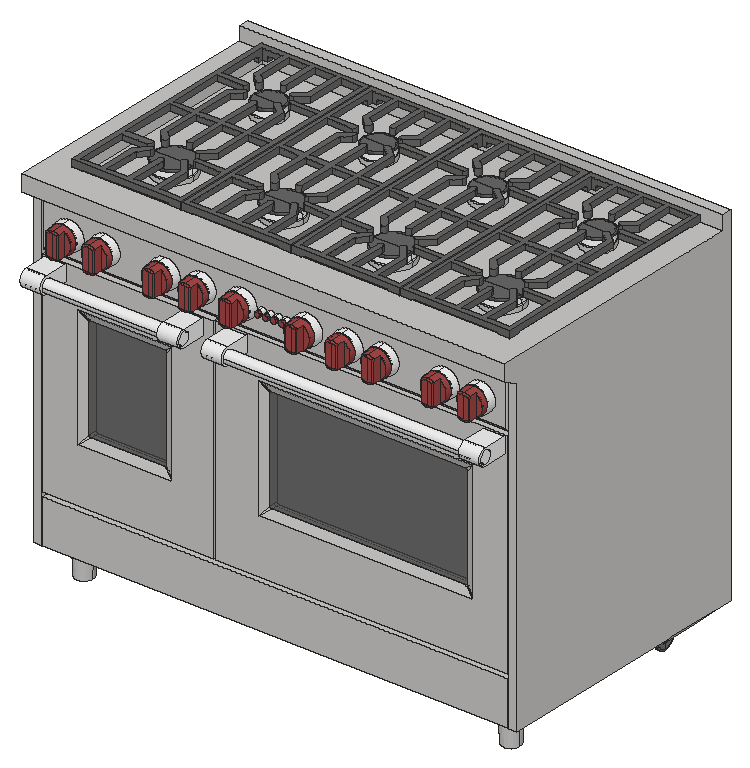
Revit family "M_Extensão-1200 mm", category Equipamento especial, Revit 2019
Family settings
  Cota do conector redondo = Utilizar diâmetro
  Tipo de parte = Normal
  Número OmniClass = 23.40.40.14
  Título OmniClass = Food Service Equipment
  Com base no plano de trabalho = Não
  Sempre na vertical = Sim
  Corte com vazios quando carregada = Não
  Compartilhado = Não
  Ponto de cálculo do ambiente = Não
Parameters (values of type "Queimadores")
  Largura = 1200 mm
  Deslocamento de parede = 0 mm
  Voltagem = 120 V
  Type Comments = ""
  Acabamento da moldura = Eletrodoméstico – Cromado
  Mostrar legenda = yes
  Consumo de energia = 500 VA
  Largura do forno principal = 750 mm
  Legenda = "Faixa"
  Botão = Eletrodoméstico – Plástico – Vermelho
  Altura = 950 mm
  Chapa = Eletrodoméstico – Aço inoxidável – Escovado
  Largura da grelha = (Largura - 107.95 mm) / 4 - 0.794 mm  # 272.219 mm
  Profundidade da grelha = Linear - 109.438 mm  # 590.55 mm
  Vidro = Eletrodoméstico – Vidro do forno
  Descrição = "Faixa"
  Linear = 699.988 mm
  Queimadores direitos centrais = yes
  Grelha central – Direita = M_Superfície do fogão : M_Queimadores
  Grelha central – Esquerda = M_Superfície do fogão : M_Queimadores
  Queimadores esquerdos centrais = yes
  Queimador = Eletrodoméstico – Tampa do queimador
  Código de montagem = "E1090320"
  Acabamento do eletrodoméstico = Eletrodoméstico – Aço inoxidável – Semipolido
  Amperagem = Consumo de energia / Voltagem  # 4.16667 A
Reference planes
  plane 1 "Parte posterior": y = 0
  plane 2: z = 0
  plane 3 "Centro (Esquerda/Direita)": x = 0
  plane 4 "Esquerda": x = -600
  plane 5 "Direita": x = 600
  plane 6: y = 0
  plane 7 "Aresta": y = -699.988
  plane 8 "Traseira da porta": y = -615.988
  plane 9 "Superior": z = 950
  plane 10 "Unidade B.O.": z = 80
  plane 11 "Queimador": z = 915
  plane 12: z = 200
  plane 13 "Puxador": z = 706.994
  plane 14 "Botões": z = 794.725
  plane 15 "Face da porta": y = -663.988
  plane 16: y = -633.988
  plane 17: z = 58
  plane 18: z = 28
  plane 19 "Rodas": y = -120
  plane 20: z = 25.4
  plane 21: x = 544.438
  plane 22: x = -544.438
  plane 23: x = 326.663
  plane 24: x = -326.663
  plane 25: x = -150
  plane 26: x = -108.887
  plane 27: x = 108.888
  plane 28: x = -511.1
  plane 29: x = -421.1
  plane 30: x = 511.1
  plane 31: x = 421.1
  plane 32: x = 236.969
  plane 33: z = 883.06
  plane 34: x = -375
  plane 35: x = 225
  plane 36: y = -953.988
  plane 37: x = -10.16
  plane 38: x = 10.16
  plane 39: x = -30.48
  plane 40: x = 30.48
  plane 41: x = 283.369
  plane 42 "1": x = -272.219
  plane 43: x = 0
  plane 44 "2": x = 272.219
  plane 45: x = -181.75
  plane 46: x = 193.675
  plane 47: x = -182.525
  plane 48: x = 182.525
Forms (mm)
  Extrusion 1, void
    sketch origin (0, 0, 950) x (-1, 0, 0) y (0, -1, 0)
      loop
        line (544.438, 25.4) -> (544.438, 615.988) -> (-544.438, 615.988) -> (-544.438, 25.4) -> (544.438, 25.4)
    from 0 to -66.94
  Extrusion 2, solid, material "Eletrodoméstico – Aço inoxidável – Semipolido" <- "Acabamento do eletrodoméstico"
    sketch origin (0, 0, 0) x (0, 1, 0) y (0, 0, 1)
      loop
        line (-25.4, 950) -> (-25.4, 915) -> (-699.988, 915) -> (-699.988, 875) -> (-663.988, 855) -> (-663.988, 80) -> (0, 80) -> (0, 950) -> (-25.4, 950)
    from -600 to 600
  Extrusion 3, void
    sketch origin (0, -663.988, 0) x (0, 0, 1) y (-1, 0, 0)
      loop
        line (855, 580) -> (80, 580) -> (80, -580) -> (855, -580) -> (855, 580)
    from -48 to 0
  Extrusion 4, solid, material "Eletrodoméstico – Aço inoxidável – Semipolido" <- "Acabamento do eletrodoméstico"
    sketch origin (0, 0, 0) x (0, 1, 0) y (0, 0, 1)
      loop
        line (-633.988, 190) -> (-663.988, 190) -> (-663.988, 80) -> (-633.988, 80) -> (-633.988, 190)
      loop
        line (-615.988, 855) -> (-663.988, 855) -> (-663.988, 741) -> (-615.988, 741) -> (-615.988, 855)
      loop
        line (-633.988, 731) -> (-663.988, 731) -> (-663.988, 200) -> (-633.988, 200) -> (-633.988, 731)
    from -576.783 to 576.783
  Extrusion 5, void
    sketch origin (0, -663.988, 0) x (0, 0, 1) y (-1, 0, 0)
      loop
        arc (615.994, 15.856) -> (614.599, 19.224) -> (611.231, 20.619) r 4.763
        line (611.231, 20.619) -> (359.762, 20.619)
        arc (359.762, 20.619) -> (356.395, 19.224) -> (355, 15.856) r 4.763
        line (355, 15.856) -> (355, -465.738)
        arc (355, -465.738) -> (356.395, -469.105) -> (359.762, -470.5) r 4.763
        line (359.762, -470.5) -> (611.231, -470.5)
        arc (611.231, -470.5) -> (614.599, -469.105) -> (615.994, -465.738) r 4.763
        line (615.994, -465.738) -> (615.994, 15.856)
      loop
        line (615.994, 280.969) -> (615.994, 465.738)
        arc (615.994, 465.738) -> (614.599, 469.105) -> (611.231, 470.5) r 4.763
        line (611.231, 470.5) -> (359.762, 470.5)
        arc (359.762, 470.5) -> (356.395, 469.105) -> (355, 465.738) r 4.763
        line (355, 465.738) -> (355, 280.969)
        arc (355, 280.969) -> (356.395, 277.601) -> (359.762, 276.206) r 4.763
        line (359.762, 276.206) -> (611.231, 276.206)
        arc (611.231, 276.206) -> (614.599, 277.601) -> (615.994, 280.969) r 4.763
    from -48 to -10
  Blend 6, void
    base sketch origin (0, -663.988, 0) x (0, 0, 1) y (-1, 0, 0)
      loop
        line (635.994, 40.463) -> (335, 40.463) -> (335, -490.5) -> (635.994, -490.5) -> (635.994, 40.463)
    top sketch origin (0, -663.988, 0) x (0, 0, 1) y (-1, 0, 0)
      loop
        line (615.994, -465.738) -> (615.994, 15.856)
        arc (615.994, 15.856) -> (614.599, 19.224) -> (611.231, 20.619) r 4.763
        line (611.231, 20.619) -> (359.762, 20.619)
        arc (359.762, 20.619) -> (356.395, 19.224) -> (355, 15.856) r 4.763
        line (355, 15.856) -> (355, -465.738)
        arc (355, -465.738) -> (356.395, -469.105) -> (359.762, -470.5) r 4.763
        line (359.762, -470.5) -> (611.231, -470.5)
        arc (611.231, -470.5) -> (614.599, -469.105) -> (615.994, -465.738) r 4.763
    from 0 to -10
  Extrusion 7, solid, material "Eletrodoméstico – Vidro do forno" <- "Vidro"
    sketch origin (0, -663.988, 0) x (0, 0, 1) y (-1, 0, 0)
      loop
        line (615.994, -465.738) -> (615.994, 15.856)
        arc (615.994, 15.856) -> (614.599, 19.224) -> (611.231, 20.619) r 4.763
        line (611.231, 20.619) -> (359.762, 20.619)
        arc (359.762, 20.619) -> (356.395, 19.224) -> (355, 15.856) r 4.763
        line (355, 15.856) -> (355, -465.738)
        arc (355, -465.738) -> (356.395, -469.105) -> (359.762, -470.5) r 4.763
        line (359.762, -470.5) -> (611.231, -470.5)
        arc (611.231, -470.5) -> (614.599, -469.105) -> (615.994, -465.738) r 4.763
      loop
        arc (615.994, 465.738) -> (614.599, 469.105) -> (611.231, 470.5) r 4.763
        line (611.231, 470.5) -> (359.762, 470.5)
        arc (359.762, 470.5) -> (356.395, 469.105) -> (355, 465.738) r 4.763
        line (355, 465.738) -> (355, 280.969)
        arc (355, 280.969) -> (356.395, 277.601) -> (359.762, 276.206) r 4.763
        line (359.762, 276.206) -> (611.231, 276.206)
        arc (611.231, 276.206) -> (614.599, 277.601) -> (615.994, 280.969) r 4.763
        line (615.994, 280.969) -> (615.994, 465.738)
    from -10 to -22.721
  Blend 8, solid, material "Eletrodoméstico – Aço inoxidável – Semipolido" <- "Acabamento do eletrodoméstico"
    base sketch origin (0, 0, 80) x (-1, 0, 0) y (0, -1, 0)
      loop
        line (600, 50) -> (600, 190) -> (459.988, 190) -> (459.988, 50) -> (600, 50)
    top sketch origin (0, 0, 80) x (-1, 0, 0) y (0, -1, 0)
      loop
        line (579.988, 70) -> (579.988, 170) -> (479.988, 170) -> (479.988, 70) -> (579.988, 70)
    from 0 to -22
  Blend 9, solid, material "Eletrodoméstico – Aço inoxidável – Semipolido" <- "Acabamento do eletrodoméstico"
    base sketch origin (0, 0, 80) x (1, 0, 0) y (0, 1, 0)
      loop
        line (600, -50) -> (459.988, -50) -> (459.988, -190) -> (600, -190) -> (600, -50)
    top sketch origin (0, 0, 80) x (1, 0, 0) y (0, 1, 0)
      loop
        line (579.988, -70) -> (479.988, -70) -> (479.988, -170) -> (579.988, -170) -> (579.988, -70)
    from 0 to -22
  Blend 10, solid, material "Eletrodoméstico – Aço inoxidável – Semipolido" <- "Acabamento do eletrodoméstico"
    base sketch origin (0, 0, 80) x (-1, 0, 0) y (0, -1, 0)
      loop
        circle (-529.988, 593.988) r 25
    top sketch origin (0, 0, 80) x (-1, 0, 0) y (0, -1, 0)
      loop
        circle (-530.488, 593.988) r 21.928
    from 0 to -80
  Blend 11, solid, material "Eletrodoméstico – Aço inoxidável – Semipolido" <- "Acabamento do eletrodoméstico"
    base sketch origin (0, 0, 80) x (1, 0, 0) y (0, 1, 0)
      loop
        circle (-529.988, -593.988) r 25
    top sketch origin (0, 0, 80) x (1, 0, 0) y (0, 1, 0)
      loop
        circle (-530.488, -593.988) r 21.928
    from 0 to -80
  Extrusion 12, solid, material "Eletrodoméstico – Aço inoxidável – Semipolido" <- "Acabamento do eletrodoméstico"
    sketch origin (0, 0, 0) x (1, 0, 0) y (0, 0, 1)
      loop
        line (-559.988, 58) -> (-539.988, 28) -> (-536.576, 28) -> (-536.576, 58) -> (-559.988, 58)
      loop
        line (-519.988, 28) -> (-499.988, 58) -> (-523.401, 58) -> (-523.401, 28) -> (-519.988, 28)
      loop
        line (559.988, 58) -> (536.576, 58) -> (536.576, 28) -> (539.988, 28) -> (559.988, 58)
      loop
        line (519.988, 28) -> (523.401, 28) -> (523.401, 58) -> (499.988, 58) -> (519.988, 28)
    from 90 to 150
  Revolve 13, solid, material "Eletrodoméstico – Borracha"
    sketch origin (0, -120, 0) x (0, 0, 1) y (-1, 0, 0)
      loop
        line (25.4, 524.988) -> (30.279, 524.988) -> (30.279, 528.163) -> (33.911, 528.163) -> (33.911, 527.37)
        arc (33.911, 527.37) -> (34.608, 525.686) -> (36.292, 524.988) r 2.381
        line (36.292, 524.988) -> (48.419, 524.988)
        arc (48.419, 524.988) -> (50.103, 525.686) -> (50.8, 527.37) r 2.381
        line (50.8, 527.37) -> (50.8, 532.607)
        arc (50.8, 532.607) -> (50.103, 534.291) -> (48.419, 534.988) r 2.381
        line (48.419, 534.988) -> (36.292, 534.988)
        arc (36.292, 534.988) -> (34.608, 534.291) -> (33.911, 532.607) r 2.381
        line (33.911, 532.607) -> (33.911, 531.813) -> (30.279, 531.813) -> (30.279, 534.988) -> (25.4, 534.988) -> (25.4, 524.988)
      loop
        line (25.4, -524.988) -> (25.4, -534.988) -> (30.279, -534.988) -> (30.279, -531.813) -> (33.911, -531.813) -> (33.911, -532.607)
        arc (33.911, -532.607) -> (34.608, -534.291) -> (36.292, -534.988) r 2.381
        line (36.292, -534.988) -> (48.419, -534.988)
        arc (48.419, -534.988) -> (50.103, -534.291) -> (50.8, -532.607) r 2.381
        line (50.8, -532.607) -> (50.8, -527.37)
        arc (50.8, -527.37) -> (50.103, -525.686) -> (48.419, -524.988) r 2.381
        line (48.419, -524.988) -> (36.292, -524.988)
        arc (36.292, -524.988) -> (34.608, -525.686) -> (33.911, -527.37) r 2.381
        line (33.911, -527.37) -> (33.911, -528.163) -> (30.279, -528.163) -> (30.279, -524.988) -> (25.4, -524.988)
      axis (25.4, 534.988) -> (25.4, -534.988)
    angle from 0 to 360
  Sweep 14, void
    path in 3D
      loop
        line (-576.783, -663.988, 855) -> (-576.783, -663.988, 741) -> (576.783, -663.988, 741) -> (576.783, -663.988, 855) -> (-576.783, -663.988, 855)
    profile "M_Redondo : 3mm" origin (0, -663.988, 855) x (0, -1, 0) y (0, 0, 1)
      loop
        line (0, 0) -> (-3, 0)
        arc (-3, 0) -> (-0.879, -0.879) -> (0, -3) r 3
        line (0, -3) -> (0, 0)
  Extrusion 15, void
    sketch origin (0, -615.988, 0) x (-1, 0, 0) y (0, 0, 1)
      loop
        line (152.381, 731) -> (147.619, 731) -> (147.619, 200) -> (152.381, 200) -> (152.381, 731)
    from 0 to -48
  Blend 16, void
    base sketch origin (0, -663.988, 0) x (0, 0, 1) y (-1, 0, 0)
      loop
        line (635.994, 256.363) -> (635.994, 490.5) -> (335, 490.5) -> (335, 256.363) -> (635.994, 256.363)
    top sketch origin (0, -663.988, 0) x (0, 0, 1) y (-1, 0, 0)
      loop
        arc (615.994, 465.738) -> (614.599, 469.105) -> (611.231, 470.5) r 4.763
        line (611.231, 470.5) -> (359.762, 470.5)
        arc (359.762, 470.5) -> (356.395, 469.105) -> (355, 465.738) r 4.763
        line (355, 465.738) -> (355, 280.969)
        arc (355, 280.969) -> (356.395, 277.601) -> (359.762, 276.206) r 4.763
        line (359.762, 276.206) -> (611.231, 276.206)
        arc (611.231, 276.206) -> (614.599, 277.601) -> (615.994, 280.969) r 4.763
        line (615.994, 280.969) -> (615.994, 465.738)
    from 0 to -10
Cuts and joins
  Extrusion 1, Extrusion 3, Sweep 14 cuts Extrusion 2
  Extrusion 5, Blend 6, Sweep 14, Extrusion 15, Blend 16 cuts Extrusion 4
  Blend 16 cuts Extrusion 7
Lines and regions (mm)
  Split face 1
    outline origin (600, 0, 80) x (-1, 0, 0) y (0, 0, 1)
      loop
        circle (144.729, 120) r 12.7
  Split face 2
    outline origin (600, 0, 80) x (-1, 0, 0) y (0, 0, 1)
      loop
        circle (233.045, 120) r 12.7
  sketch lines
    curve 1: line (576.783, -663.988, 855) -> (-576.783, -663.988, 855)
    curve 2: line (576.783, -663.988, 855) -> (576.783, -663.988, 741)
    curve 3: line (576.783, -663.988, 741) -> (-576.783, -663.988, 741)
    curve 4: line (-576.783, -663.988, 741) -> (-576.783, -663.988, 855)
Dimensions and locks
  equal spacing: plane 4 "Esquerda", plane 3 "Centro (Esquerda/Direita)", plane 5 "Direita"
  "Largura": plane 4 "Esquerda" to plane 5 "Direita"
  "Linear": plane 6 to plane 7 "Aresta"
  "Deslocamento de parede": plane 1 "Parte posterior" to plane 6
  "Altura": plane 9 "Superior" to level
  locked: plane 10 "Unidade B.O." to level at 80
  locked: plane 8 "Traseira da porta" to plane 7 "Aresta" at 84
  locked: plane 9 "Superior" to plane 11 "Queimador" at 35
  plane 13 "Puxador" to level = 706.994 mm
  locked: plane 11 "Queimador" to plane 14 "Botões" at 120.275
  locked: plane 6 to Extrusion 2 sketch curve at 25.4
  plane 6 to Extrusion 1 sketch curve = 25.4 mm
  locked: Extrusion 3 sketch curve to plane 14 "Botões" at 60.275
  locked: plane 12 to plane 10 "Unidade B.O." at 120
  locked: plane 12 to Extrusion 4 sketch curve at 10
  locked: plane 16 to plane 15 "Face da porta" at 30
  locked: Extrusion 5 sketch curve to plane 25 at 129.381
  locked: plane 5 "Direita" to Extrusion 5 sketch curve at 129.5
  locked: Extrusion 5 sketch curve to plane 12 at 155
  locked: plane 13 "Puxador" to Extrusion 5 sketch curve at 91
  locked: cut or joined group of Extrusion 4, Extrusion 5, Blend 6, Sweep 14, Extrusion 15, Blend 16 to plane 15 "Face da porta" at 10
  locked: plane 5 "Direita" to Blend 6 sketch curve at 109.5
  locked: plane 13 "Puxador" to Blend 6 sketch curve at 71
  locked: Blend 6 sketch curve to plane 12 at 135
  locked: cut or joined group of Extrusion 4, Extrusion 5, Blend 6, Sweep 14, Extrusion 15, Blend 16 to plane 4 "Esquerda" at 23.217
  locked: plane 5 "Direita" to cut or joined group of Extrusion 4, Extrusion 5, Blend 6, Sweep 14, Extrusion 15, Blend 16 at 23.217
  locked: plane 7 "Aresta" to plane 15 "Face da porta" at 36
  locked: plane 4 "Esquerda" to Blend 8 sketch curve at 140.012
  plane 6 to Blend 8 sketch curve to Blend 8 sketch curve = 50 mm locked, 140 mm locked
  plane 4 "Esquerda" to Blend 8 sketch curve to Blend 8 sketch curve = 20.012 mm locked, 100 mm locked
  plane 6 to Blend 8 sketch curve to Blend 8 sketch curve = 70 mm locked, 100 mm locked
  locked: plane 10 "Unidade B.O." to Blend 8 at 22
  plane 5 "Direita" to Blend 9 sketch curve to Blend 9 sketch curve = 20.012 mm locked, 100 mm locked
  plane 6 to Blend 9 sketch curve to Blend 9 sketch curve = 70 mm locked, 100 mm locked
  locked: Blend 9 sketch curve to plane 5 "Direita" at 140.012
  plane 6 to Blend 9 sketch curve to Blend 9 sketch curve = 50 mm locked, 140 mm locked
  locked: plane 10 "Unidade B.O." to Blend 9 at 22
  locked: plane 4 "Esquerda" to Blend 11 sketch curve at 69.512
  locked: plane 15 "Face da porta" to Blend 11 sketch curve at 70  (x2)
  locked: plane 4 "Esquerda" to Blend 11 sketch curve at 70.012
  locked: Blend 10 sketch curve to plane 5 "Direita" at 69.512
  locked: plane 15 "Face da porta" to Blend 10 sketch curve at 70  (x2)
  locked: Blend 10 sketch curve to plane 5 "Direita" at 70.012
  plane 10 "Unidade B.O." to plane 17 to plane 18 = 22 mm locked, 30 mm locked
  Extrusion 12 sketch curve to Extrusion 12 sketch curve to Extrusion 12 sketch curve to Extrusion 12 sketch curve to Extrusion 12 sketch curve to Extrusion 12 sketch curve to plane 4 "Esquerda" = 20 mm locked, 3.413 mm locked, 13.175 mm locked, 3.412 mm locked, 20 mm locked, 40.012 mm locked
  plane 5 "Direita" to Extrusion 12 sketch curve to Extrusion 12 sketch curve to Extrusion 12 sketch curve to Extrusion 12 sketch curve to Extrusion 12 sketch curve to Extrusion 12 sketch curve = 40.012 mm locked, 20 mm locked, 3.412 mm locked, 13.175 mm locked, 3.413 mm locked, 20 mm locked
  plane 6 to Extrusion 12 to Extrusion 12 = 90 mm locked, 60 mm locked
  plane 6 to plane 19 "Rodas" = 120 mm
  locked: plane 20 to level at 25.4
  locked: plane 21 to plane 5 "Direita" at 55.562
  plane 4 "Esquerda" to plane 22 = 55.562 mm
  "Largura do forno principal": plane 5 "Direita" to plane 25
  Blend 6 sketch curve to plane 25 = 129.381 mm
  plane 5 "Direita" to Blend 6 sketch curve = 129.5 mm
  Blend 6 sketch curve to plane 25 = 109.537 mm
  locked: Extrusion 7 sketch curve to plane 25 at 129.381
  Extrusion 15 sketch curve to plane 25 to Extrusion 15 sketch curve = 2.381 mm locked, 2.381 mm locked
  locked: plane 14 "Botões" to Extrusion 15 sketch curve at 63.725
  equal spacing: plane 22, plane 24, plane 26, plane 27, plane 23, plane 21
  plane 29 to plane 28 to plane 4 "Esquerda" = 90 mm locked, 88.9 mm locked
  plane 5 "Direita" to plane 30 to plane 31 = 88.9 mm locked, 90 mm locked
  locked: plane 23 to plane 32 at 89.694
  locked: plane 9 "Superior" to plane 33 at 66.94
  Extrusion 4 sketch curve to plane 14 "Botões" to Extrusion 4 sketch curve = 53.725 mm locked, 60.275 mm locked
  locked: plane 13 "Puxador" to Extrusion 4 sketch curve at 24.006
  locked: plane 14 "Botões" to plane 13 "Puxador" at 87.731
  equal spacing: plane 4 "Esquerda", plane 34, plane 25
  equal spacing: plane 25, plane 35, plane 5 "Direita"
  locked: plane 3 "Centro (Esquerda/Direita)" to nested 13 at 81.225
  nested 14 to plane 3 "Centro (Esquerda/Direita)" = 81.837 mm
  locked: plane 7 "Aresta" to plane 36 at 254
  locked: plane 3 "Centro (Esquerda/Direita)" to plane 37 at 10.16
  plane 38 to plane 3 "Centro (Esquerda/Direita)" = 10.16 mm
  locked: plane 40 to plane 38 at 20.32
  locked: plane 37 to plane 39 at 20.32
  plane 22 to plane 42 "1" to plane 43 to plane 21 = 272.219 mm, 272.219 mm, 544.438 mm  (x2)
  plane 28 to plane 29 = 90 mm
  equal spacing: plane 22, plane 42 "1", plane 43, plane 44 "2", plane 21
  locked: plane 25 to plane 45 at 31.75
  plane 41 to plane 46 = 89.694 mm
  locked: plane 47 to plane 42 "1" at 89.694
  locked: plane 44 "2" to plane 48 at 89.694
  aligned and locked: plane 2 to level
  aligned and locked: plane 9 "Superior" to Extrusion 2 sketch curve
  aligned and locked: plane 5 "Direita" to Extrusion 2
  aligned and locked: Extrusion 2 to plane 4 "Esquerda"
  aligned and locked: Extrusion 2 sketch curve to plane 10 "Unidade B.O."
  aligned and locked: Extrusion 2 sketch curve to plane 15 "Face da porta"
  aligned and locked: plane 7 "Aresta" to Extrusion 2 sketch curve
  aligned and locked: plane 11 "Queimador" to Extrusion 2 sketch curve
  aligned and locked: Extrusion 2 sketch curve to plane 6
  aligned and locked: Extrusion 3 sketch curve to plane 10 "Unidade B.O."
  aligned and locked: plane 8 "Traseira da porta" to Extrusion 3
  aligned and locked: plane 15 "Face da porta" to Extrusion 3
  aligned and locked: Extrusion 4 sketch curve to plane 15 "Face da porta"  (x3)
  aligned and locked: plane 10 "Unidade B.O." to Extrusion 4 sketch curve
  aligned and locked: Extrusion 4 sketch curve to plane 8 "Traseira da porta"
  aligned and locked: plane 12 to Extrusion 4 sketch curve
  aligned and locked: Extrusion 4 sketch curve to plane 16  (x2)
  aligned and locked: plane 15 "Face da porta" to nested 2
  aligned and locked: plane 8 "Traseira da porta" to Extrusion 5
  aligned and locked: plane 4 "Esquerda" to Blend 8 sketch curve
  aligned and locked: plane 5 "Direita" to Blend 9 sketch curve
  aligned and locked: Blend 10 to level
  aligned and locked: plane 10 "Unidade B.O." to Blend 10
  aligned and locked: plane 10 "Unidade B.O." to Blend 9
  aligned and locked: plane 10 "Unidade B.O." to Blend 8
  aligned and locked: Extrusion 12 sketch curve to plane 17  (x4)
  aligned and locked: plane 18 to Extrusion 12 sketch curve  (x4)
  aligned and locked: plane 20 to Revolve 13 sketch curve  (x2)
  aligned and locked: Revolve 13 sketch curve to plane 20
  aligned and locked: plane 15 "Face da porta" to nested 3
  aligned and locked: plane 15 "Face da porta" to nested 4
  aligned and locked: plane 15 "Face da porta" to nested 5
  aligned and locked: plane 15 "Face da porta" to nested 6
  aligned and locked: nested 3 to plane 14 "Botões"
  aligned and locked: nested 4 to plane 14 "Botões"
  aligned and locked: nested 5 to plane 14 "Botões"
  aligned and locked: nested 6 to plane 14 "Botões"
  aligned and locked: plane 15 "Face da porta" to nested 7
  aligned and locked: nested 7 to plane 14 "Botões"
  aligned and locked: plane 22 to Extrusion 1 sketch curve
  aligned and locked: Extrusion 1 sketch curve to plane 21
  aligned and locked: nested 8 to plane 8 "Traseira da porta"
  aligned and locked: Extrusion 15 sketch curve to plane 12
  aligned and locked: plane 15 "Face da porta" to Extrusion 15
  aligned and locked: plane 15 "Face da porta" to nested 11
  aligned and locked: plane 25 to nested 11
  aligned and locked: plane 4 "Esquerda" to nested 11
  aligned and locked: nested 12 to plane 14 "Botões"
  aligned and locked: nested 9 to plane 14 "Botões"
  aligned and locked: nested 10 to plane 14 "Botões"
  aligned and locked: plane 15 "Face da porta" to nested 10
  aligned and locked: plane 15 "Face da porta" to nested 12
  aligned and locked: plane 15 "Face da porta" to nested 9
  aligned and locked: plane 15 "Face da porta" to nested 13
  aligned and locked: plane 15 "Face da porta" to nested 14
  aligned and locked: plane 28 to nested 7
  aligned and locked: plane 29 to nested 6
  aligned and locked: plane 30 to nested 9
  aligned and locked: plane 31 to nested 4
  aligned and locked: nested 13 to plane 14 "Botões"
  aligned and locked: nested 14 to plane 14 "Botões"
  aligned and locked: plane 33 to nested 8
  aligned and locked: nested 11 to plane 13 "Puxador"
  aligned and locked: nested 2 to plane 13 "Puxador"
  aligned and locked: plane 34 to nested 11
  aligned and locked: plane 35 to nested 2
  aligned and locked: nested 1 to plane 36
  aligned and locked: nested 15 to plane 14 "Botões"
  aligned and locked: nested 16 to plane 14 "Botões"
  aligned and locked: nested 17 to plane 14 "Botões"
  aligned and locked: nested 18 to plane 14 "Botões"
  aligned and locked: plane 38 to nested 17
  aligned and locked: plane 40 to nested 18
  aligned and locked: plane 37 to nested 16
  aligned and locked: plane 39 to nested 15
  aligned and locked: plane 15 "Face da porta" to nested 15
  aligned and locked: plane 15 "Face da porta" to nested 16
  aligned and locked: plane 15 "Face da porta" to nested 17
  aligned and locked: plane 15 "Face da porta" to nested 18
  aligned and locked: nested 8 to plane 22
  aligned and locked: plane 42 "1" to nested 19
  aligned and locked: plane 44 "2" to nested 21
  aligned and locked: plane 44 "2" to nested 20
  aligned and locked: plane 42 "1" to nested 3
  aligned and locked: plane 47 to nested 10
  aligned and locked: plane 44 "2" to nested 5
  aligned and locked: nested 12 to plane 48
  aligned and locked: plane 8 "Traseira da porta" to nested 19
  aligned and locked: plane 8 "Traseira da porta" to nested 20
  aligned and locked: plane 8 "Traseira da porta" to nested 21
  aligned and locked: plane 33 to nested 19
  aligned and locked: plane 33 to nested 20
  aligned and locked: plane 33 to nested 21
  aligned and locked: plane 3 "Centro (Esquerda/Direita)" to nested 1
Automatic sketch dimensions
  Extrusion 1 sketch curve to plane 8 "Traseira da porta" = 0 mm
  Extrusion 2 sketch curve to plane 11 "Queimador" = 60 mm
  Extrusion 2 sketch curve to Extrusion 2 sketch curve = 40 mm
  Extrusion 3 sketch curve to plane 5 "Direita" = 20 mm
  plane 4 "Esquerda" to Extrusion 3 sketch curve = 20 mm
  plane 12 to Extrusion 5 sketch curve = 155 mm
  Extrusion 5 sketch curve to Extrusion 5 sketch curve = 4.763 mm  (x5)
  Extrusion 5 sketch curve to Extrusion 5 sketch curve = 4.762 mm  (x2)
  plane 13 "Puxador" to Extrusion 5 sketch curve = 95.763 mm  (x2)
  Extrusion 5 sketch curve to plane 25 = 126.206 mm
  plane 22 to Extrusion 5 sketch curve = 78.7 mm
  plane 12 to Blend 6 sketch curve = 155 mm
  Blend 6 sketch curve to Blend 6 sketch curve = 4.763 mm  (x2)
  Blend 6 sketch curve to Blend 6 sketch curve = 4.762 mm
  plane 13 "Puxador" to Blend 6 sketch curve = 95.763 mm  (x2)
  Blend 6 sketch curve to plane 21 = 78.7 mm
  plane 12 to Extrusion 7 sketch curve = 155 mm  (x2)
  plane 22 to Extrusion 7 sketch curve = 78.7 mm
  Extrusion 7 sketch curve to Extrusion 7 sketch curve = 4.763 mm  (x6)
  plane 13 "Puxador" to Extrusion 7 sketch curve = 95.763 mm  (x4)
  Extrusion 7 sketch curve to plane 21 = 78.7 mm
  Extrusion 7 sketch curve to plane 25 = 126.206 mm
  plane 21 to Blend 10 sketch curve = 10.551 mm
  plane 22 to Blend 11 sketch curve = 10.551 mm
  Revolve 13 sketch curve to Revolve 13 sketch curve = 4.879 mm  (x3)
  plane 20 to Revolve 13 sketch curve = 4.879 mm
  Revolve 13 sketch curve to Revolve 13 sketch curve = 3.632 mm  (x4)
  Revolve 13 sketch curve to Revolve 13 sketch curve = 2.381 mm  (x6)
  Revolve 13 sketch curve to Revolve 13 sketch curve = 12.127 mm  (x2)
  Revolve 13 sketch curve to Revolve 13 sketch curve = 0 mm  (x4)
  Revolve 13 sketch curve to plane 21 = 9.449 mm
  Revolve 13 sketch curve to Revolve 13 sketch curve = 3.175 mm  (x4)
  Revolve 13 sketch curve to Revolve 13 sketch curve = 3.65 mm  (x2)
  Revolve 13 sketch curve to Revolve 13 sketch curve = 5.238 mm
  plane 22 to Revolve 13 sketch curve = 19.449 mm
  Revolve 13 sketch curve to Revolve 13 sketch curve = 0.794 mm
  Revolve 13 sketch curve to Revolve 13 sketch curve = 40.592 mm
  Revolve 13 sketch curve to plane 22 = 15.153 mm
  Blend 16 sketch curve to plane 12 = 135 mm
  Blend 16 sketch curve to plane 13 "Puxador" = 71 mm
  Blend 16 sketch curve to plane 22 = 53.937 mm
  plane 25 to Blend 16 sketch curve = 106.363 mm
  Blend 16 sketch curve to plane 12 = 155 mm
  Blend 16 sketch curve to Blend 16 sketch curve = 4.763 mm  (x3)
  Blend 16 sketch curve to plane 13 "Puxador" = 95.763 mm  (x2)
  Blend 16 sketch curve to plane 22 = 73.937 mm
  plane 25 to Blend 16 sketch curve = 130.969 mm
  Split face 1 sketch curve to cut or joined group of Extrusion 1, Extrusion 2, Extrusion 3, Sweep 14 = 144.729 mm
  Split face 1 sketch curve to cut or joined group of Extrusion 1, Extrusion 2, Extrusion 3, Sweep 14 = 120 mm
  Split face 2 sketch curve to cut or joined group of Extrusion 1, Extrusion 2, Extrusion 3, Sweep 14 = 233.045 mm
  Split face 2 sketch curve to cut or joined group of Extrusion 1, Extrusion 2, Extrusion 3, Sweep 14 = 120 mm
  radius of Blend 10 sketch curve = 21.928 mm
  radius of Blend 11 sketch curve = 21.928 mm
  radius of Split face 1 sketch curve = 12.7 mm
  radius of Split face 2 sketch curve = 12.7 mm
Nested families
  nested 1: "Anotação de legenda de 2,5" at (0, -953.988, 0), visible <- "Mostrar legenda", type "Anotação de legenda de 2,5"
  nested 2: "M_Puxador" at (225, -663.988, 706.994), Largura da unidade <- "Largura do forno principal", Concluir <- "Acabamento da moldura", type "M_Puxador", detail levels medium+fine
    with Largura da unidade 750 mm, Concluir Eletrodoméstico – Cromado
  nested 3: "M_Botão 1" at (-272.219, -663.988, 794.725), type "M_Botão 1", detail levels medium+fine
  nested 4: "M_Botão 1" at (421.1, -663.988, 794.725), type "M_Botão 1", detail levels medium+fine
  nested 5: "M_Botão 1" at (272.219, -663.988, 794.725), type "M_Botão 1", detail levels medium+fine
  nested 6: "M_Botão 1" at (-421.1, -663.988, 794.725), type "M_Botão 1", detail levels medium+fine
  nested 7: "M_Botão 1" at (-511.1, -663.988, 794.725), type "M_Botão 1", detail levels medium+fine
  nested 8: "M_Superfície do fogão" at (-408.159, -320.713, 883.06), type "M_Queimadores"
    with Largura da grelha 272.219 mm, Profundidade da grelha 590.55 mm
  nested 9: "M_Botão 1" at (511.1, -663.988, 794.725), type "M_Botão 1", detail levels medium+fine
  nested 10: "M_Botão 1" at (-182.525, -663.988, 794.725), visible <- "Queimadores esquerdos centrais", type "M_Botão 1", detail levels medium+fine
  nested 11: "M_Puxador" at (-375, -663.988, 706.994), Concluir <- "Acabamento da moldura", type "M_Puxador", detail levels medium+fine
    with Largura da unidade 450 mm, Concluir Eletrodoméstico – Cromado
  nested 12: "M_Botão 1" at (182.525, -663.988, 794.725), visible <- "Queimadores direitos centrais", type "M_Botão 1", detail levels medium+fine
  nested 13: "M_Botão 1" at (-81.225, -663.988, 794.725), type "M_Botão 1", detail levels medium+fine
  nested 14: "M_Botão 1" at (81.837, -663.988, 794.725), type "M_Botão 1", detail levels medium+fine
  nested 15: "M_Botão 2" at (-30.48, -663.988, 794.725), type "M_Botão 2", detail levels medium+fine
  nested 16: "M_Botão 2" at (-10.16, -663.988, 794.725), type "M_Botão 2", detail levels medium+fine
  nested 17: "M_Botão 2" at (10.16, -663.988, 794.725), type "M_Botão 2", detail levels medium+fine
  nested 18: "M_Botão 2" at (30.48, -663.988, 794.725), type "M_Botão 2", detail levels medium+fine
  nested 19: "M_Superfície do fogão" at (-135.94, -320.713, 883.06), type <- "Grelha central – Esquerda", type "M_Queimadores"
    with Largura da grelha 272.219 mm, Profundidade da grelha 590.55 mm
  nested 20: "M_Superfície do fogão" at (136.278, -320.713, 883.06), type <- "Grelha central – Direita", type "M_Queimadores"
    with Largura da grelha 272.219 mm, Profundidade da grelha 590.55 mm
  nested 21: "M_Superfície do fogão" at (408.497, -320.713, 883.06), type "M_Queimadores"
    with Largura da grelha 272.219 mm, Profundidade da grelha 590.55 mm
Connectors
  electrical at (455.271, 0, 200), driven by "Voltagem", driven by "Consumo de energia"
    settings: on cut or joined group of Extrusion 1, Extrusion 2, Extrusion 3, Sweep 14, index 1, voltage 120 V, apparent load 500 VA, apparent load phase1 0 VA, apparent load phase2 0 VA, apparent load phase3 0 VA, power factor 1, load classification "Eletrodoméstico", number of poles 1, system type 30, power factor state 1, is connector primary yes, connector utility no, sub classification motor no, connector description "Fogão elétrico"
  piping at (366.955, 0, 200), diameter 12.7
    settings: on cut or joined group of Extrusion 1, Extrusion 2, Extrusion 3, Sweep 14, index 2, connector inside diameter 609.6 mm, connector length 0 mm, flow factor 0, pipe flow 0.0 L/s, pressure drop 0.0 Pa, fitting loss kfactor 0, connector angle 0.00°, fixture units 0, engagement length 0 mm, angle of deflection 0.00°, flow configuration 1, flow direction 1, fitting loss method 0, system type 22, joint type 0, gender type 0, connector reference index -1, connector utility 0, adjustable connector no, is connector primary yes, connector description "Fogão a gás"
Definition of nested family "M_Puxador"
  Parameters (values of type "Puxador")
    Largura da unidade [instance] = 900 mm
    Projeção do puxador = 60 mm
    Deslocamento do puxador B = 30 mm
    Deslocamento do puxador A = 30 mm
    Concluir [instance] = none
  Reference planes
    plane 1 "Centro (Frente/Trás)": y = 0
    plane 2: z = 0
    plane 3 "Centro (Esquerda/Direita)": x = 0
    plane 4 "Superfície A": x = -450
    plane 5 "Superfície B": x = 450
    plane 6 "Puxador A": x = -420
    plane 7 "Puxador B": x = 420
    plane 8: y = -60
    plane 9: x = -369.994
    plane 10: x = 369.994
    plane 11: y = -44.125
  Forms (mm)
    Extrusion 1, solid, material <- "Concluir", detail levels medium+fine
      sketch origin (-420, 0, 0) x (0, 0, 1) y (0, -1, 0)
        loop
          line (20, 0) -> (20, 60)
          arc (20, 60) -> (0, 80) -> (-20, 60) r 20
          line (-20, 60) -> (-20, 0) -> (20, 0)
        loop
          circle (0, 60) r 15.024
      from 0 to 50.006
    Extrusion 2, solid, material <- "Concluir", detail levels medium+fine
      sketch origin (420, 0, 0) x (0, 0, 1) y (0, -1, 0)
        loop
          line (-20, 0) -> (20, 0) -> (20, 60)
          arc (20, 60) -> (0, 80) -> (-20, 60) r 20
          line (-20, 60) -> (-20, 0)
        loop
          circle (0, 60) r 15.024
      from 0 to -50.006
    Extrusion 3, solid, material <- "Concluir", detail levels medium+fine
      sketch origin (0, 0, 0) x (0, 1, 0) y (0, 0, 1)
        loop
          circle (-60, 0) r 15.024
      from -420 to 420
  Cuts and joins
    joined: Extrusion 1, Extrusion 2
  Dimensions and locks
    "Largura da unidade": plane 5 "Superfície B" to plane 4 "Superfície A"
    equal spacing: plane 5 "Superfície B", plane 3 "Centro (Esquerda/Direita)", plane 4 "Superfície A"
    "Deslocamento do puxador A": plane 6 "Puxador A" to plane 4 "Superfície A"
    "Deslocamento do puxador B": plane 5 "Superfície B" to plane 7 "Puxador B"
    "Projeção do puxador": plane 1 "Centro (Frente/Trás)" to plane 8
    plane 6 "Puxador A" to plane 9 = 50.006 mm
    plane 10 to plane 7 "Puxador B" = 50.006 mm
    plane 8 to plane 11 = 15.875 mm
    aligned and locked: level to plane 2
    aligned and locked: Extrusion 1 sketch curve to plane 1 "Centro (Frente/Trás)"
    aligned and locked: Extrusion 2 sketch curve to plane 1 "Centro (Frente/Trás)"
    aligned and locked: cut or joined group of Extrusion 1, Extrusion 2 to plane 1 "Centro (Frente/Trás)"
    aligned and locked: plane 8 to Extrusion 2 sketch curve
    aligned and locked: plane 8 to Extrusion 1 sketch curve
    aligned and locked: level to Extrusion 3 sketch curve
    aligned and locked: plane 8 to Extrusion 3 sketch curve
    aligned and locked: plane 7 "Puxador B" to Extrusion 3
    aligned and locked: Extrusion 3 to plane 6 "Puxador A"
    aligned and locked: Extrusion 2 sketch curve to Extrusion 3  (x2)
    aligned and locked: Extrusion 1 sketch curve to Extrusion 3  (x2)
    aligned and locked: plane 9 to cut or joined group of Extrusion 1, Extrusion 2
    aligned and locked: cut or joined group of Extrusion 1, Extrusion 2 to plane 10
  Automatic sketch dimensions
    Extrusion 1 sketch curve to level = 20 mm
    level to Extrusion 1 sketch curve = 0 mm
    Extrusion 2 sketch curve to Extrusion 2 sketch curve = 20 mm
    Extrusion 2 sketch curve to level = 20 mm
    radius of Extrusion 3 sketch curve = 15.024 mm
Definition of nested family "M_Botão 1"
  Parameters (values of type "Botão 1")
    Material = none
    Material da moldura = none
  Reference planes
    plane 1 "Centro (Frente/Trás)": y = 0
    plane 2: z = 0
    plane 3 "Centro (Esquerda/Direita)": x = 0
    plane 4: y = -35
    plane 5: y = -55
  Forms (mm)
    Revolve 1, solid, material <- "Material"
      sketch origin (0, 0, 0) x (0, 1, 0) y (0, 0, 1)
        loop
          line (0, 35) -> (-20, 33) -> (-20, 32) -> (-52.687, 31.066)
          arc (-52.687, 31.066) -> (-54.326, 30.345) -> (-55, 28.686) r 2.381
          line (-55, 28.686) -> (-55, 0) -> (0, 0) -> (0, 35)
        axis (0, 0) -> (-55, 0)
      angle from 0 to 360
    Extrusion 2, void
      sketch origin (0, 0, 0) x (1, 0, 0) y (0, 1, 0)
        loop
          line (31.571, -35) -> (15, -35) -> (15, -52.619)
          arc (15, -52.619) -> (14.303, -54.303) -> (12.619, -55) r 2.381
          line (12.619, -55) -> (31.571, -55) -> (31.571, -35)
        loop
          line (-31.571, -35) -> (-31.571, -55) -> (-12.619, -55)
          arc (-12.619, -55) -> (-14.303, -54.303) -> (-15, -52.619) r 2.381
          line (-15, -52.619) -> (-15, -35) -> (-31.571, -35)
      from -34.753 to 36.709
  Cuts and joins
    Extrusion 2 cuts Revolve 1
  Dimensions and locks
    plane 5 to plane 4 to plane 1 "Centro (Frente/Trás)" = 20 mm locked, 35 mm locked
    aligned and locked: plane 2 to level
    aligned and locked: Revolve 1 sketch curve to level
    aligned and locked: plane 4 to Extrusion 2 sketch curve
    aligned and locked: Extrusion 2 sketch curve to plane 5
Definition of nested family "M_Superfície do fogão"
  Parameters (values of type "Queimadores")
    Mostrar grelha = yes
    Mostrar base = no
    Tem grelhador = no
    Tem chapa = no
    Extensão direita da chapa = 3 mm
    Extensão esquerda da chapa = 3 mm
    Chapa = none
    Largura da grelha = 270 mm
    Espessura da grelha = 12.5 mm
    Profundidade da grelha = 590 mm
    Grelha = none
    Queimador = none
    Tem queimadores = yes
    Mostrar queimadores = yes
  Types (5, lengths in mm): name | Mostrar grelha | Mostrar base | Tem grelhador | Tem chapa | Extensão direita da chapa | Extensão esquerda da chapa | Espessura da grelha | Tem queimadores | Mostrar queimadores
    Queimadores | yes | no | no | no | 3 | 3 | 12.5 | yes | yes
    Chapa dupla – Esquerda | no | no | no | yes | 0 | 3 | 14.484 | no | no
    Chapa dupla – Direita | no | no | no | yes | 3 | 0 | 14.484 | no | no
    Grelhador | no | yes | yes | no | 30 | 20 | 12.5 | no | no
    Chapa | no | no | no | yes | 3 | 3 | 14.484 | no | no
  Reference planes
    plane 1 "Centro (Frente/Trás)": y = 0
    plane 2 "Inferior": z = 0
    plane 3 "Centro (Esquerda/Direita)": x = -0.169
    plane 4 "Queimador T.O.": z = 34.091
    plane 5 "Queimador posterior": y = 147.5
    plane 6 "Queimador frontal": y = -147.5
    plane 7: z = 61.94
    plane 8 "Grelha B.O.": z = 0
    plane 9 "Painel T.O.": z = 19.5
    plane 10 "Parte posterior": y = 295
    plane 11 "Parte frontal": y = -295
    plane 12 "Esquerda": x = -135.169
    plane 13 "Direita": x = 134.831
    plane 14 "Parte inferior da superfície": z = 47.709
    plane 15: x = -70.844
    plane 16: x = 57.806
    plane 17: x = 122.131
    plane 18: x = -122.469
    plane 19: y = 280.712
    plane 20: y = 153.85
    plane 21: y = 6.35
    plane 22: y = -6.35
    plane 23: y = -280.712
    plane 24: x = -58.144
    plane 25: x = 70.506
    plane 26: x = -6.916
    plane 27: x = 6.181
    plane 28: y = 141.15
    plane 29: y = -141.15
    plane 30: y = -153.85
    plane 31: x = -132.169
    plane 32: x = 131.831
  Forms (mm)
    Extrusion 1, void
      sketch origin (433.841, 349.972, -848.839) x (1, 0, 0) y (0, 0, 1)
        loop
          arc (-324.41, 876.58) -> (-326.27, 881.07) -> (-330.76, 882.93) r 6.35
          line (-330.76, 882.93) -> (-537.26, 882.93)
          arc (-537.26, 882.93) -> (-541.75, 881.07) -> (-543.61, 876.58) r 6.35
          line (-543.61, 876.58) -> (-543.61, 868.339) -> (-324.41, 868.339) -> (-324.41, 876.58)
      from 54.697 to 694.851
    Extrusion 2, void
      sketch origin (433.841, 349.972, -848.839) x (0, 1, 0) y (0, 0, 1)
        loop
          arc (-80.372, 876.58) -> (-82.232, 881.07) -> (-86.722, 882.93) r 6.35
          line (-86.722, 882.93) -> (-613.222, 882.93)
          arc (-613.222, 882.93) -> (-617.712, 881.07) -> (-619.572, 876.58) r 6.35
          line (-619.572, 876.58) -> (-619.572, 868.339) -> (-80.372, 868.339) -> (-80.372, 876.58)
      from -569.01 to -299.01
    Revolve 3, solid, material <- "Queimador", visible <- "Mostrar queimadores"
      sketch origin (1.587, 147.5, -848.839) x (1, 0, 0) y (0, 0, 1)
        loop
          line (-1.756, 848.839) -> (-1.756, 882.247) -> (-39.029, 882.247)
          arc (-39.029, 882.247) -> (-40.942, 880.334) -> (-39.029, 878.422) r 1.913
          line (-39.029, 878.422) -> (-36.225, 878.422) -> (-38.898, 862.695) -> (-40.825, 860.127) -> (-40.825, 848.839) -> (-1.756, 848.839)
        axis (-1.756, 882.247) -> (-1.756, 848.839)
      angle from 0 to 360
    Revolve 4, solid, material <- "Queimador", visible <- "Mostrar queimadores"
      sketch origin (0, -147.5, -848.839) x (1, 0, 0) y (0, 0, 1)
        loop
          line (-0.169, 848.839) -> (-0.169, 882.247) -> (-48.158, 882.247)
          arc (-48.158, 882.247) -> (-50.07, 880.334) -> (-48.158, 878.422) r 1.913
          line (-48.158, 878.422) -> (-45.353, 878.422) -> (-48.026, 862.695) -> (-49.953, 860.127) -> (-49.953, 848.839) -> (-0.169, 848.839)
        axis (-0.169, 882.247) -> (-0.169, 848.839)
      angle from 0 to 360
    Extrusion 5, solid, material <- "Grelha", visible <- "Mostrar base", detail levels medium+fine
      sketch origin (0, 0, 19.5) x (-1, 0, 0) y (0, -1, 0)
        loop
          line (135.169, -295) -> (135.169, 295) -> (-134.831, 295) -> (-134.831, -295) -> (135.169, -295)
        loop
          line (114.335, -274.166) -> (114.335, 274.166) -> (-114.194, 274.166) -> (-114.194, -274.166) -> (114.335, -274.166)
      from 0 to 28.209
    Extrusion 6, solid, material <- "Grelha", visible <- "Tem grelhador"
      sketch origin (0, 0, 0) x (1, 0, 0) y (0, 0, 1)
        loop
          line (-135.169, 47.709) -> (-124.329, 47.709) -> (-124.329, 57.45) -> (-128.819, 61.94) -> (-135.169, 61.94) -> (-135.169, 47.709)
        loop
          line (3.816, 47.709) -> (3.816, 61.94) -> (-4.154, 61.94) -> (-4.154, 47.709) -> (3.816, 47.709)
        loop
          line (-12.123, 47.709) -> (-12.123, 61.94) -> (-20.092, 61.94) -> (-20.092, 47.709) -> (-12.123, 47.709)
        loop
          line (-28.061, 47.709) -> (-28.061, 61.94) -> (-36.03, 61.94) -> (-36.03, 47.709) -> (-28.061, 47.709)
        loop
          line (-43.999, 47.709) -> (-43.999, 61.94) -> (-51.969, 61.94) -> (-51.969, 47.709) -> (-43.999, 47.709)
        loop
          line (-59.938, 47.709) -> (-59.938, 61.94) -> (-67.907, 61.94) -> (-67.907, 47.709) -> (-59.938, 47.709)
        loop
          line (-75.876, 47.709) -> (-75.876, 61.94) -> (-83.845, 61.94) -> (-83.845, 47.709) -> (-75.876, 47.709)
        loop
          line (-91.815, 47.709) -> (-91.815, 61.94) -> (-99.784, 61.94) -> (-99.784, 47.709) -> (-91.815, 47.709)
        loop
          line (-107.753, 47.709) -> (-107.753, 61.94) -> (-115.722, 61.94) -> (-115.722, 47.709) -> (-107.753, 47.709)
        loop
          line (134.831, 47.709) -> (134.831, 61.94) -> (128.481, 61.94) -> (123.991, 57.45) -> (123.991, 47.709) -> (134.831, 47.709)
        loop
          line (11.785, 47.709) -> (19.754, 47.709) -> (19.754, 61.94) -> (11.785, 61.94) -> (11.785, 47.709)
        loop
          line (27.723, 47.709) -> (35.692, 47.709) -> (35.692, 61.94) -> (27.723, 61.94) -> (27.723, 47.709)
        loop
          line (43.662, 47.709) -> (51.631, 47.709) -> (51.631, 61.94) -> (43.662, 61.94) -> (43.662, 47.709)
        loop
          line (59.6, 47.709) -> (67.569, 47.709) -> (67.569, 61.94) -> (59.6, 61.94) -> (59.6, 47.709)
        loop
          line (75.538, 47.709) -> (83.507, 47.709) -> (83.507, 61.94) -> (75.538, 61.94) -> (75.538, 47.709)
        loop
          line (91.477, 47.709) -> (99.446, 47.709) -> (99.446, 61.94) -> (91.477, 61.94) -> (91.477, 47.709)
        loop
          line (107.415, 47.709) -> (115.384, 47.709) -> (115.384, 61.94) -> (107.415, 61.94) -> (107.415, 47.709)
      from -295 to 295
    Extrusion 7, solid, material <- "Chapa", visible <- "Tem chapa"
      sketch origin (0, 0, 19.5) x (-1, 0, 0) y (0, -1, 0)
        loop
          line (135.169, -295) -> (135.169, 295) -> (-134.831, 295) -> (-134.831, -295) -> (135.169, -295)
      from 0 to 42.44
    Extrusion 8, void
      sketch origin (-0.169, 0, 0) x (0, 1, 0) y (0, 0, 1)
        loop
          line (291.825, 61.94) -> (-291.825, 61.94) -> (-291.825, 34.091) -> (-247.375, 34.091) -> (-247.375, 47.709) -> (291.825, 47.709) -> (291.825, 61.94)
      from -132 to 132
    Extrusion 9, solid, material <- "Grelha", visible <- "Mostrar grelha", detail levels fine
      sketch origin (0, 0, 19.5) x (-1, 0, 0) y (0, -1, 0)
        loop
          line (135.169, -295) -> (135.169, 295) -> (-134.831, 295) -> (-134.831, -295) -> (135.169, -295)
        loop
          line (122.469, -280.712) -> (122.469, -153.85) -> (58.144, -153.85)
          arc (58.144, -153.85) -> (51.794, -147.5) -> (58.144, -141.15) r 6.35
          line (58.144, -141.15) -> (122.469, -141.15) -> (122.469, -6.35) -> (70.844, -6.35) -> (70.844, -106.029) -> (48.666, -127.936)
          arc (48.666, -127.936) -> (38.563, -127.936) -> (38.563, -117.833) r 7.144
          line (38.563, -117.833) -> (58.144, -100.11) -> (58.144, -6.35) -> (6.916, -6.35) -> (6.916, -100.995)
          arc (6.916, -100.995) -> (0.367, -107.544) -> (-6.181, -100.995) r 6.548
          line (-6.181, -100.995) -> (-6.181, -6.35) -> (-57.806, -6.35) -> (-57.806, -100.11) -> (-35.05, -117.833)
          arc (-35.05, -117.833) -> (-35.05, -127.936) -> (-45.153, -127.936) r 7.144
          line (-45.153, -127.936) -> (-70.506, -106.029) -> (-70.506, -6.35) -> (-122.327, -6.35) -> (-122.327, -141.15) -> (-57.806, -141.15)
          arc (-57.806, -141.15) -> (-51.456, -147.5) -> (-57.806, -153.85) r 6.35
          line (-57.806, -153.85) -> (-122.327, -153.85) -> (-122.327, -280.712) -> (-70.506, -280.712) -> (-70.506, -188.971) -> (-45.153, -167.064)
          arc (-45.153, -167.064) -> (-35.05, -167.064) -> (-35.05, -177.167) r 7.144
          line (-35.05, -177.167) -> (-57.806, -194.89) -> (-57.806, -280.712) -> (-6.181, -280.712) -> (-6.181, -194.005)
          arc (-6.181, -194.005) -> (0.367, -187.456) -> (6.916, -194.005) r 6.548
          line (6.916, -194.005) -> (6.916, -280.712) -> (58.144, -280.712) -> (58.144, -194.89) -> (38.563, -177.167)
          arc (38.563, -177.167) -> (38.563, -167.064) -> (48.666, -167.064) r 7.144
          line (48.666, -167.064) -> (70.844, -188.971) -> (70.844, -280.712) -> (122.469, -280.712)
        loop
          line (122.469, 280.909) -> (70.844, 280.909) -> (70.844, 187.698) -> (48.666, 160.757)
          arc (48.666, 160.757) -> (38.563, 160.757) -> (38.563, 170.86) r 7.144
          line (38.563, 170.86) -> (58.144, 193.616) -> (58.144, 280.909) -> (6.916, 280.909) -> (6.916, 187.698)
          arc (6.916, 187.698) -> (0.367, 181.149) -> (-6.181, 187.698) r 6.548
          line (-6.181, 187.698) -> (-6.181, 280.909) -> (-57.806, 280.909) -> (-57.806, 199.652) -> (-35.05, 170.86)
          arc (-35.05, 170.86) -> (-35.05, 160.757) -> (-45.153, 160.757) r 7.144
          line (-45.153, 160.757) -> (-70.506, 193.734) -> (-70.506, 280.909) -> (-122.327, 280.909) -> (-122.327, 153.85) -> (-57.806, 153.85)
          arc (-57.806, 153.85) -> (-51.456, 147.5) -> (-57.806, 141.15) r 6.35
          line (-57.806, 141.15) -> (-122.327, 141.15) -> (-122.327, 6.35) -> (-70.506, 6.35) -> (-70.506, 97.576) -> (-45.153, 124.516)
          arc (-45.153, 124.516) -> (-35.05, 124.516) -> (-35.05, 114.414) r 7.144
          line (-35.05, 114.414) -> (-57.806, 91.658) -> (-57.806, 6.35) -> (-6.181, 6.35) -> (-6.181, 96.829)
          arc (-6.181, 96.829) -> (0.367, 103.378) -> (6.916, 96.829) r 6.548
          line (6.916, 96.829) -> (6.916, 6.35) -> (58.144, 6.35) -> (58.144, 91.658) -> (38.563, 114.414)
          arc (38.563, 114.414) -> (38.563, 124.516) -> (48.666, 124.516) r 7.144
          line (48.666, 124.516) -> (70.844, 97.576) -> (70.844, 6.35) -> (122.469, 6.35) -> (122.469, 141.15) -> (58.144, 141.15)
          arc (58.144, 141.15) -> (51.794, 147.5) -> (58.144, 153.85) r 6.35
          line (58.144, 153.85) -> (122.469, 153.85) -> (122.469, 280.909)
      from 0 to 28.209
  Cuts and joins
    Extrusion 1, Extrusion 2, Extrusion 8 cuts Extrusion 5
    Extrusion 8 cuts Extrusion 7
    Extrusion 1, Extrusion 2 cuts Extrusion 9
  Dimensions and locks
    equal spacing: plane 10 "Parte posterior", plane 5 "Queimador posterior", plane 1 "Centro (Frente/Trás)", plane 6 "Queimador frontal", plane 11 "Parte frontal"
    "Profundidade da grelha": plane 10 "Parte posterior" to plane 11 "Parte frontal"
    equal spacing: plane 12 "Esquerda", plane 3 "Centro (Esquerda/Direita)", plane 13 "Direita"
    "Largura da grelha": plane 12 "Esquerda" to plane 13 "Direita"
    locked: plane 7 to plane 14 "Parte inferior da superfície" at 14.231
    locked: Extrusion 5 sketch curve to plane 11 "Parte frontal" at 20.834
    locked: plane 10 "Parte posterior" to Extrusion 5 sketch curve at 20.834
    locked: Extrusion 5 sketch curve to plane 13 "Direita" at 20.637
    locked: plane 12 "Esquerda" to Extrusion 5 sketch curve at 20.834
    locked: plane 12 "Esquerda" to Extrusion 6 sketch curve at 19.447
    locked: Extrusion 6 sketch curve to plane 13 "Direita" at 19.447
    equal spacing: Extrusion 6 sketch curve, Extrusion 6 sketch curve, Extrusion 6 sketch curve, Extrusion 6 sketch curve, Extrusion 6 sketch curve, Extrusion 6 sketch curve, Extrusion 6 sketch curve, Extrusion 6 sketch curve, Extrusion 6 sketch curve, Extrusion 6 sketch curve, Extrusion 6 sketch curve, Extrusion 6 sketch curve, Extrusion 6 sketch curve, Extrusion 6 sketch curve, Extrusion 6 sketch curve, Extrusion 6 sketch curve, Extrusion 6 sketch curve, Extrusion 6 sketch curve, Extrusion 6 sketch curve, Extrusion 6 sketch curve, Extrusion 6 sketch curve, Extrusion 6 sketch curve, Extrusion 6 sketch curve, Extrusion 6 sketch curve, Extrusion 6 sketch curve, Extrusion 6 sketch curve, Extrusion 6 sketch curve, Extrusion 6 sketch curve, Extrusion 6 sketch curve, Extrusion 6 sketch curve
    locked: plane 10 "Parte posterior" to Extrusion 8 sketch curve at 3.175
    locked: Extrusion 8 sketch curve to plane 11 "Parte frontal" at 3.175
    plane 12 "Esquerda" to cut or joined group of Extrusion 7, Extrusion 8 = 3 mm
    cut or joined group of Extrusion 7, Extrusion 8 to plane 13 "Direita" = 3 mm
    locked: plane 15 to plane 24 at 12.7
    locked: plane 16 to plane 25 at 12.7
    plane 26 to plane 27 = 13.097 mm  (x2)
    plane 29 to plane 6 "Queimador frontal" to plane 30 = 6.35 mm locked, 6.35 mm locked
    plane 21 to plane 1 "Centro (Frente/Trás)" to plane 22 = 6.35 mm locked, 6.35 mm locked
    plane 20 to plane 5 "Queimador posterior" to plane 28 = 6.35 mm locked, 6.35 mm locked
    locked: plane 12 "Esquerda" to Extrusion 1 sketch curve at 25.4
    locked: Extrusion 1 sketch curve to plane 13 "Direita" at 25.4
    locked: plane 10 "Parte posterior" to Extrusion 2 sketch curve at 25.4
    locked: Extrusion 2 sketch curve to plane 11 "Parte frontal" at 25.4
    "Extensão esquerda da chapa": plane 12 "Esquerda" to plane 31
    "Extensão direita da chapa": plane 32 to plane 13 "Direita"
    locked: plane 17 to plane 13 "Direita" at 12.7
    locked: plane 12 "Esquerda" to plane 18 at 12.7
    equal spacing: plane 18, plane 24, plane 27, plane 25, plane 13 "Direita"
    locked: plane 10 "Parte posterior" to plane 19 at 14.288
    locked: plane 23 to plane 11 "Parte frontal" at 14.288
    locked: cut or joined group of Extrusion 7, Extrusion 8 to plane 11 "Parte frontal" at 47.625
    plane 12 "Esquerda" to plane 3 "Centro (Esquerda/Direita)" = 135 mm
    plane 3 "Centro (Esquerda/Direita)" to plane 13 "Direita" = 135 mm
    aligned and locked: Revolve 4 to plane 8 "Grelha B.O."
    aligned and locked: Revolve 3 to plane 8 "Grelha B.O."
    aligned and locked: Revolve 4 sketch curve to plane 3 "Centro (Esquerda/Direita)"
    aligned and locked: Revolve 3 sketch curve to plane 3 "Centro (Esquerda/Direita)"
    aligned and locked: plane 9 "Painel T.O." to Extrusion 2 sketch curve
    aligned and locked: Extrusion 1 sketch curve to plane 9 "Painel T.O."
    aligned and locked: Extrusion 5 sketch curve to plane 10 "Parte posterior"
    aligned and locked: plane 13 "Direita" to Extrusion 5 sketch curve
    aligned and locked: plane 11 "Parte frontal" to Extrusion 5 sketch curve
    aligned and locked: Extrusion 5 sketch curve to plane 12 "Esquerda"
    aligned and locked: Extrusion 5 to plane 9 "Painel T.O."
    aligned and locked: cut or joined group of Extrusion 1, Extrusion 2, Extrusion 5, Extrusion 8 to plane 13 "Direita"
    aligned and locked: plane 12 "Esquerda" to cut or joined group of Extrusion 1, Extrusion 2, Extrusion 5, Extrusion 8
    aligned and locked: Extrusion 1 sketch curve to plane 4 "Queimador T.O."
    aligned and locked: plane 4 "Queimador T.O." to Extrusion 2 sketch curve
    aligned and locked: Extrusion 6 sketch curve to plane 7  (x9)
    aligned and locked: plane 7 to Extrusion 6 sketch curve  (x8)
    aligned and locked: Extrusion 6 sketch curve to plane 14 "Parte inferior da superfície"  (x8)
    aligned and locked: plane 14 "Parte inferior da superfície" to Extrusion 6 sketch curve  (x9)
    aligned and locked: Extrusion 6 sketch curve to plane 12 "Esquerda"
    aligned and locked: Extrusion 6 sketch curve to plane 13 "Direita"
    aligned and locked: plane 10 "Parte posterior" to Extrusion 6
    aligned and locked: Extrusion 7 sketch curve to plane 10 "Parte posterior"
    aligned and locked: Extrusion 7 sketch curve to plane 12 "Esquerda"
    aligned and locked: plane 13 "Direita" to Extrusion 7 sketch curve
    aligned and locked: plane 11 "Parte frontal" to Extrusion 7 sketch curve
    aligned and locked: plane 7 to Extrusion 7
    aligned and locked: Extrusion 8 sketch curve to plane 14 "Parte inferior da superfície"
    aligned and locked: plane 7 to Extrusion 8 sketch curve
    aligned and locked: Extrusion 8 sketch curve to plane 4 "Queimador T.O."
    aligned and locked: cut or joined group of Extrusion 7, Extrusion 8 to plane 9 "Painel T.O."
    aligned and locked: plane 18 to Extrusion 9 sketch curve  (x2)
    aligned and locked: Extrusion 9 sketch curve to plane 19  (x4)
    aligned and locked: plane 13 "Direita" to Extrusion 9 sketch curve
    aligned and locked: Extrusion 9 sketch curve to plane 20
    aligned and locked: plane 20 to Extrusion 9 sketch curve
    aligned and locked: Extrusion 9 sketch curve to plane 28
    aligned and locked: plane 28 to Extrusion 9 sketch curve
    aligned and locked: Extrusion 9 sketch curve to plane 29
    aligned and locked: plane 30 to Extrusion 9 sketch curve
    aligned and locked: plane 29 to Extrusion 9 sketch curve
    aligned and locked: Extrusion 9 sketch curve to plane 30
    aligned and locked: Extrusion 9 to plane 9 "Painel T.O."
    aligned and locked: plane 14 "Parte inferior da superfície" to Extrusion 9
    aligned and locked: plane 32 to Extrusion 8
    aligned and locked: Extrusion 8 to plane 31
    aligned and locked: Extrusion 6 to plane 11 "Parte frontal"
  Automatic sketch dimensions
    Extrusion 2 sketch curve to Extrusion 2 sketch curve = 6.35 mm  (x2)
    Revolve 3 sketch curve to plane 2 "Inferior" = 0 mm
    Revolve 3 sketch curve to plane 3 "Centro (Esquerda/Direita)" = 0 mm
    Revolve 3 sketch curve to plane 4 "Queimador T.O." = 4.508 mm
    Revolve 3 sketch curve to plane 3 "Centro (Esquerda/Direita)" = 34.468 mm
    Revolve 3 sketch curve to plane 9 "Painel T.O." = 5.645 mm
    Revolve 3 sketch curve to Revolve 3 sketch curve = 2.673 mm
    Revolve 3 sketch curve to Revolve 3 sketch curve = 2.804 mm
    Revolve 3 sketch curve to plane 9 "Painel T.O." = 8.213 mm
    Revolve 3 sketch curve to Revolve 3 sketch curve = 1.927 mm
    Revolve 3 sketch curve to Revolve 3 sketch curve = 1.913 mm
    Revolve 3 sketch curve to Revolve 3 sketch curve = 5420.839 mm
    plane 7 to Revolve 3 sketch curve = 3642.171 mm
    Revolve 4 sketch curve to plane 2 "Inferior" = 0 mm
    Revolve 4 sketch curve to plane 3 "Centro (Esquerda/Direita)" = 0 mm
    Revolve 4 sketch curve to plane 4 "Queimador T.O." = 4.508 mm
    Revolve 4 sketch curve to plane 3 "Centro (Esquerda/Direita)" = 45.184 mm
    Revolve 4 sketch curve to plane 9 "Painel T.O." = 5.645 mm
    Revolve 4 sketch curve to Revolve 4 sketch curve = 2.673 mm
    Revolve 4 sketch curve to Revolve 4 sketch curve = 2.804 mm
    Revolve 4 sketch curve to plane 9 "Painel T.O." = 8.213 mm
    Revolve 4 sketch curve to Revolve 4 sketch curve = 1.927 mm
    Revolve 4 sketch curve to Revolve 4 sketch curve = 1.913 mm
    Revolve 4 sketch curve to Revolve 4 sketch curve = 5420.839 mm
    plane 7 to Revolve 4 sketch curve = 3642.171 mm
    Extrusion 6 sketch curve to plane 12 "Esquerda" = 6.35 mm
    Extrusion 6 sketch curve to Extrusion 6 sketch curve = 8.607 mm  (x2)
    Extrusion 6 sketch curve to plane 7 = 4.49 mm  (x2)
    Extrusion 6 sketch curve to Extrusion 6 sketch curve = 6.35 mm
    Extrusion 8 sketch curve to Extrusion 8 sketch curve = 44.45 mm
    Extrusion 9 sketch curve to plane 21 = 0 mm  (x4)
    Extrusion 9 sketch curve to plane 22 = 0 mm  (x4)
    Extrusion 9 sketch curve to plane 25 = 0 mm  (x4)
    Extrusion 9 sketch curve to plane 16 = 0 mm  (x6)
    Extrusion 9 sketch curve to plane 27 = 0 mm  (x4)
    Extrusion 9 sketch curve to plane 26 = 0 mm  (x4)
    Extrusion 9 sketch curve to plane 24 = 0 mm  (x6)
    Extrusion 9 sketch curve to plane 15 = 0 mm  (x4)
    Extrusion 9 sketch curve to plane 18 = 0 mm  (x2)
    Extrusion 9 sketch curve to plane 10 "Parte posterior" = 0 mm
    Extrusion 9 sketch curve to plane 12 "Esquerda" = 0 mm
    Extrusion 9 sketch curve to plane 11 "Parte frontal" = 0 mm
    plane 17 to Extrusion 9 sketch curve = 0.196 mm  (x4)
    Extrusion 9 sketch curve to plane 16 = 12.653 mm  (x4)
    Extrusion 9 sketch curve to Extrusion 9 sketch curve = 5.051 mm  (x24)
    Extrusion 9 sketch curve to plane 24 = 19.581 mm  (x4)
    Extrusion 9 sketch curve to Extrusion 9 sketch curve = 41.04 mm  (x2)
    plane 20 to Extrusion 9 sketch curve = 40.155 mm
    Extrusion 9 sketch curve to Extrusion 9 sketch curve = 5.918 mm  (x8)
    plane 20 to Extrusion 9 sketch curve = 23.317 mm  (x2)
    Extrusion 9 sketch curve to plane 28 = 13.214 mm  (x2)
    Extrusion 9 sketch curve to Extrusion 9 sketch curve = 21.908 mm  (x2)
    Extrusion 9 sketch curve to Extrusion 9 sketch curve = 16.838 mm
    Extrusion 9 sketch curve to Extrusion 9 sketch curve = 49.492 mm  (x2)
    plane 29 to Extrusion 9 sketch curve = 44.321 mm
    plane 29 to Extrusion 9 sketch curve = 26.736 mm  (x2)
    Extrusion 9 sketch curve to plane 30 = 6.907 mm  (x2)
    Extrusion 9 sketch curve to plane 30 = 33.848 mm  (x2)
    Extrusion 9 sketch curve to plane 30 = 39.884 mm
    Extrusion 9 sketch curve to plane 23 = 0.196 mm  (x4)
    Extrusion 1 sketch curve to plane 4 "Queimador T.O." = 6.35 mm
    Extrusion 1 sketch curve to Extrusion 1 sketch curve = 6.35 mm
Definition of nested family "M_Botão 2"
  Parameters (values of type "Botão 2")
    Botão = none
    Recortar = none
  Reference planes
    plane 1 "Centro (Frente/Trás)": y = 0
    plane 2: z = 0
    plane 3 "Centro (Esquerda/Direita)": x = 0
